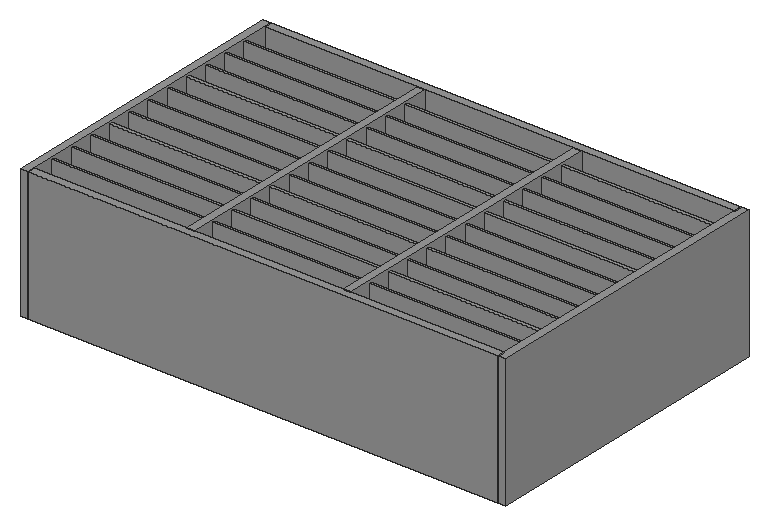
Revit family "TMI - W1820 - Wall_Open_Folio Storage1", category Casework, host Face, Revit 2016
Family settings
  Host = Face
  OmniClass Number = 23.40.35.14.11
  OmniClass Title = Modular Casework
  Cut with Voids When Loaded = No
  Shared = No
  Room Calculation Point = No
Parameters (values of type "48" x 30" x 13"")
  Width = 48"
  URL = "www.tmisystems.com"
  Two Verticals [instance] = Amount of Verticals = 2  # yes
  One Vertical [instance] = Amount of Verticals = 1  # no
  Model = "W1820"
  Manufacturer = "TMI Systems Corporation"
  Interior Finish = none
  Height = 30"
  Filler Width (Right) [instance] = 3"
  Filler Width (Left) [instance] = 3"
  Filler Right [instance] = no
  Filler Left [instance] = no
  Description = "Wall, Open, Folio Storage"
  Depth = 13"
  Default Elevation = 84"
  Casework Thickness = 3/4"
  Casework Back Thickness = 1/4"
  Cabinet Finish = Plastic Laminate
  Amount of Verticals [instance] = 2
Types (7): name | Width
  30" x 30" x 13" | 30"
  33" x 30" x 13" | 33"
  36" x 30" x 13" | 36"
  39" x 30" x 13" | 39"
  42" x 30" x 13" | 42"
  45" x 30" x 13" | 45"
  48" x 30" x 13" | 48"
Reference planes (in)
  plane 1 "Center (Front/Back)": y = 0
  plane 2: z = 0
  plane 3 "Center (Left/Right)": x = 0
  plane 4: x = -24
  plane 5: x = 24
  plane 6: y = -25.25
  plane 7: y = -4.75
  plane 8: x = -27
  plane 9: x = 27
  plane 10: z = 0.75
  plane 11: z = 1
  plane 12: y = -30
  plane 13: x = -23.25
  plane 14: y = -29.25
  plane 15: x = 23.25
  plane 16: y = -0.75
  plane 17: x = -0.375
  plane 18: x = 0.375
  plane 19: z = 12.875
  plane 20: x = -7.75
  plane 21: x = 7.75
  plane 22: x = 8.125
  plane 23: x = 7.375
  plane 24: x = -8.125
  plane 25: x = -7.375
  plane 26: z = 13
  plane 27: z = 12.25
Forms (in)
  Extrusion 1, solid, material "Plastic Laminate" <- "Cabinet Finish"
    sketch origin (0, -30, 0) x (1, 0, 0) y (0, 1, 0)
      loop
        line (-24, 30) -> (-24, 0) -> (-23.25, 0) -> (-23.25, 30) -> (-24, 30)
      loop
        line (23.25, 30) -> (23.25, 0) -> (24, 0) -> (24, 30) -> (23.25, 30)
    from 0 to 13
  Extrusion 2, solid, material "Plastic Laminate" <- "Cabinet Finish"
    sketch origin (0, -30, 0) x (1, 0, 0) y (0, 1, 0)
      loop
        line (-23.25, 29.25) -> (23.25, 29.25) -> (23.25, 30) -> (-23.25, 30) -> (-23.25, 29.25)
      loop
        line (-23.25, 0.75) -> (-23.25, 0) -> (23.25, 0) -> (23.25, 0.75) -> (-23.25, 0.75)
    from 0 to 13
  Extrusion 3, solid, material "Wood"
    sketch origin (0, -30, 0) x (1, 0, 0) y (0, 1, 0)
      loop
        line (-23.28125, 29.25) -> (-23.28125, 25.25) -> (23.28125, 25.25) -> (23.28125, 29.25) -> (-23.28125, 29.25)
      loop
        line (-23.28125, 4.75) -> (-23.28125, 0.75) -> (23.28125, 0.75) -> (23.28125, 4.75) -> (-23.28125, 4.75)
    from 0 to 0.75
  Extrusion 4, solid, material "Plastic Laminate" <- "Cabinet Finish"
    sketch origin (0, 0, 0) x (1, 0, 0) y (0, 0, 1)
      loop
        line (-23.28125, 1) -> (-23.28125, 0.75) -> (23.28125, 0.75) -> (23.28125, 1) -> (-23.28125, 1)
    from 0.36945 to 29.6345
  Extrusion 5, solid, material "Plastic Laminate" <- "Cabinet Finish", visible <- "Filler Left"
    sketch origin (0, -30, 0) x (1, 0, 0) y (0, 1, 0)
      loop
        line (-27, 30) -> (-27, 0) -> (-24, 0) -> (-24, 30) -> (-27, 30)
    from 12.25 to 13
  Extrusion 6, solid, material "Plastic Laminate" <- "Cabinet Finish", visible <- "Filler Right"
    sketch origin (0, -30, 0) x (1, 0, 0) y (0, 1, 0)
      loop
        line (27, 30) -> (24, 30) -> (24, 0) -> (27, 0) -> (27, 30)
    from 12.25 to 13
  Extrusion 7, solid, material "Plastic Laminate" <- "Cabinet Finish", visible <- "One Vertical"
    sketch origin (0, 0, 0) x (1, 0, 0) y (0, 1, 0)
      loop
        line (-0.375, -0.75) -> (-0.375, -29.25) -> (0.375, -29.25) -> (0.375, -0.75) -> (-0.375, -0.75)
    from 1 to 13
  Extrusion 8, solid, material "Plastic Laminate" <- "Cabinet Finish", visible <- "Two Verticals"
    sketch origin (0, 0, 0) x (1, 0, 0) y (0, 1, 0)
      loop
        line (8.125, -0.75) -> (7.375, -0.75) -> (7.375, -29.25) -> (8.125, -29.25) -> (8.125, -0.75)
      loop
        line (-8.125, -29.25) -> (-7.375, -29.25) -> (-7.375, -0.75) -> (-8.125, -0.75) -> (-8.125, -29.25)
    from 1 to 13
  Extrusion 9, solid, material "Plastic Laminate" <- "Cabinet Finish"
    sketch origin (0, 0, 0) x (1, 0, 0) y (0, 1, 0)
      loop
        line (-23.25, -3.125) -> (-23.25, -3.375) -> (23.25, -3.375) -> (23.25, -3.125) -> (-23.25, -3.125)
      loop
        line (-23.25, -5.5) -> (-23.25, -5.75) -> (23.25, -5.75) -> (23.25, -5.5) -> (-23.25, -5.5)
      loop
        line (-23.25, -7.875) -> (-23.25, -8.125) -> (23.25, -8.125) -> (23.25, -7.875) -> (-23.25, -7.875)
      loop
        line (-23.25, -10.25) -> (-23.25, -10.5) -> (23.25, -10.5) -> (23.25, -10.25) -> (-23.25, -10.25)
      loop
        line (-23.25, -12.625) -> (-23.25, -12.875) -> (23.25, -12.875) -> (23.25, -12.625) -> (-23.25, -12.625)
      loop
        line (-23.25, -15) -> (-23.25, -15.25) -> (23.25, -15.25) -> (23.25, -15) -> (-23.25, -15)
      loop
        line (-23.25, -17.375) -> (-23.25, -17.625) -> (23.25, -17.625) -> (23.25, -17.375) -> (-23.25, -17.375)
      loop
        line (-23.25, -19.75) -> (-23.25, -20) -> (23.25, -20) -> (23.25, -19.75) -> (-23.25, -19.75)
      loop
        line (-23.25, -22.125) -> (-23.25, -22.375) -> (23.25, -22.375) -> (23.25, -22.125) -> (-23.25, -22.125)
      loop
        line (-23.25, -24.5) -> (-23.25, -24.75) -> (23.25, -24.75) -> (23.25, -24.5) -> (-23.25, -24.5)
      loop
        line (-23.25, -26.875) -> (-23.25, -27.125) -> (23.25, -27.125) -> (23.25, -26.875) -> (-23.25, -26.875)
    from 1 to 12.875
Lines and regions (in)
  Masking region 1
    outline origin (0, 0, 0) x (1, 0, 0) y (0, 0, 1)
      loop
        line (-24, 13) -> (-24, 0) -> (24, 0) -> (24, 13) -> (-24, 13)
  Masking region 2, visible <- "Filler Left"
    outline origin (0, 0, 0) x (1, 0, 0) y (0, 0, 1)
      loop
        line (-27, 13) -> (-27, 12.25) -> (-24, 12.25) -> (-24, 13) -> (-27, 13)
  Masking region 3, visible <- "Filler Right"
    outline origin (0, 0, 0) x (1, 0, 0) y (0, 0, 1)
      loop
        line (24, 13) -> (24, 12.25) -> (27, 12.25) -> (27, 13) -> (24, 13)
  symbolic lines
    curve 1: line (24, 0, 0) -> (24, -30, 0)
    curve 2: line (0, 0, 13) -> (0, -0.75, 13)
    curve 3: line (0, -0.75, 13) -> (0, -0.75, 1)
    curve 4: line (0, -0.75, 0.75) -> (0, -0.75, 0)
    curve 5: line (0, -0.75, 0) -> (0, 0, 0)
    curve 6: line (0, 0, 0) -> (0, 0, 13)
    curve 7: line (0, -29.25, 13) -> (0, -30, 13)
    curve 8: line (0, -30, 13) -> (0, -30, 0)
    curve 9: line (0, -30, 0) -> (0, -29.25, 0)
    curve 10: line (0, -29.25, 0) -> (0, -29.25, 0.75)
    curve 11: line (0, -29.25, 1) -> (0, -29.25, 13)
  symbolic lines, style "CaseworkHiddenLines"
    curve 12: line (0, -3.125, 1) -> (0, -3.125, 12.875)
    curve 13: line (0, -3.125, 12.875) -> (0, -3.375, 12.875)
    curve 14: line (0, -3.375, 12.875) -> (0, -3.375, 1)
    curve 15: line (0, -5.5, 1) -> (0, -5.5, 12.875)
    curve 16: line (0, -5.5, 12.875) -> (0, -5.75, 12.875)
    curve 17: line (0, -5.75, 12.875) -> (0, -5.75, 1)
    curve 18: line (0, -7.875, 1) -> (0, -7.875, 12.875)
    curve 19: line (0, -7.875, 12.875) -> (0, -8.125, 12.875)
    curve 20: line (0, -8.125, 12.875) -> (0, -8.125, 1)
    curve 21: line (0, -10.25, 1) -> (0, -10.25, 12.875)
    curve 22: line (0, -10.25, 12.875) -> (0, -10.5, 12.875)
    curve 23: line (0, -10.5, 12.875) -> (0, -10.5, 1)
    curve 24: line (0, -12.625, 1) -> (0, -12.625, 12.875)
    curve 25: line (0, -12.625, 12.875) -> (0, -12.875, 12.875)
    curve 26: line (0, -12.875, 12.875) -> (0, -12.875, 1)
    curve 27: line (0, -15, 1) -> (0, -15, 12.875)
    curve 28: line (0, -15, 12.875) -> (0, -15.25, 12.875)
    curve 29: line (0, -15.25, 12.875) -> (0, -15.25, 1)
    curve 30: line (0, -17.375, 1) -> (0, -17.375, 12.875)
    curve 31: line (0, -17.375, 12.875) -> (0, -17.625, 12.875)
    curve 32: line (0, -17.625, 12.875) -> (0, -17.625, 1)
    curve 33: line (0, -19.75, 1) -> (0, -19.75, 12.875)
    curve 34: line (0, -19.75, 12.875) -> (0, -20, 12.875)
    curve 35: line (0, -20, 12.875) -> (0, -20, 1)
    curve 36: line (0, -22.125, 1) -> (0, -22.125, 12.875)
    curve 37: line (0, -22.125, 12.875) -> (0, -22.375, 12.875)
    curve 38: line (0, -22.375, 12.875) -> (0, -22.375, 1)
    curve 39: line (0, -24.5, 1) -> (0, -24.5, 12.875)
    curve 40: line (0, -24.5, 12.875) -> (0, -24.75, 12.875)
    curve 41: line (0, -24.75, 12.875) -> (0, -24.75, 1)
    curve 42: line (0, -26.875, 1) -> (0, -26.875, 12.875)
    curve 43: line (0, -26.875, 12.875) -> (0, -27.125, 12.875)
    curve 44: line (0, -27.125, 12.875) -> (0, -27.125, 1)
Dimensions and locks (in)
  "Casework Thickness": plane 4 to plane 13
  "Casework Thickness": plane 15 to plane 5
  "Filler Width (Left)": plane 8 to plane 4
  "Filler Width (Right)": plane 5 to plane 9
  "Height": plane 1 "Center (Front/Back)" to plane 12
  "Width": plane 4 to plane 5
  equal spacing: plane 4, plane 3 "Center (Left/Right)", plane 5
  "Casework Thickness": plane 10 to plane 2
  "Casework Back Thickness": plane 11 to plane 10
  "Casework Thickness": plane 14 to plane 12
  "Casework Thickness": plane 16 to plane 1 "Center (Front/Back)"
  "Casework Thickness": plane 17 to plane 18
  equal spacing: plane 17, plane 3 "Center (Left/Right)", plane 18
  "Casework Thickness": plane 24 to plane 25
  equal spacing: plane 24, plane 20, plane 25
  equal spacing: plane 23, plane 21, plane 22
  "Casework Thickness": plane 23 to plane 22
  equal spacing: plane 13, plane 20, plane 21, plane 15
  equal spacing: plane 14, Extrusion 9 sketch curve, Extrusion 9 sketch curve, Extrusion 9 sketch curve, Extrusion 9 sketch curve, Extrusion 9 sketch curve, Extrusion 9 sketch curve, Extrusion 9 sketch curve, Extrusion 9 sketch curve, Extrusion 9 sketch curve, Extrusion 9 sketch curve, Extrusion 9 sketch curve, plane 16
  locked: Extrusion 9 sketch curve to Extrusion 9 sketch curve at 0.25  (x11)
  locked: plane 14 to Extrusion 4 at 0.3845
  locked: Extrusion 4 to plane 16 at 0.38055
  "Depth": plane 26 to plane 2
  locked: plane 7 to plane 16 at 4
  locked: plane 6 to plane 14 at 4
  locked: plane 26 to plane 19 at 0.125
  locked: plane 26 to plane 27 at 0.75
  aligned and locked: plane 2 to host face
  aligned and locked: level to host face
  aligned and locked: plane 4 to Extrusion 1 sketch curve
  aligned and locked: Extrusion 1 sketch curve to plane 5
  aligned and locked: Extrusion 1 to plane 2
  aligned and locked: Extrusion 2 to plane 2
  aligned and locked: Extrusion 3 to plane 2
  aligned and locked: Extrusion 3 to plane 10
  aligned and locked: Extrusion 4 sketch curve to plane 11
  aligned and locked: Extrusion 4 sketch curve to plane 10
  aligned and locked: plane 8 to Extrusion 5 sketch curve
  aligned and locked: Extrusion 5 sketch curve to plane 4
  aligned and locked: Extrusion 5 to Extrusion 1
  aligned and locked: plane 9 to Extrusion 6 sketch curve
  aligned and locked: Extrusion 6 sketch curve to plane 5
  aligned and locked: curve 1 to plane 5
  aligned and locked: Extrusion 2 to plane 1 "Center (Front/Back)"  (x4)
  aligned and locked: Extrusion 3 to plane 7
  aligned and locked: plane 4 to Extrusion 5  (x3)
  aligned and locked: Extrusion 1 to plane 1 "Center (Front/Back)"  (x4)
  aligned and locked: Extrusion 6 to plane 5  (x2)
  aligned and locked: Extrusion 1 to plane 4
  aligned and locked: Extrusion 2 to plane 12  (x2)
  aligned and locked: plane 5 to Extrusion 1
  aligned and locked: Extrusion 1 to plane 12  (x2)
  aligned and locked: plane 2 to Masking region 1 sketch curve
  aligned and locked: Masking region 1 sketch curve to plane 5
  aligned and locked: plane 4 to Masking region 1 sketch curve
  aligned and locked: Extrusion 2 to plane 16
  aligned and locked: plane 13 to Extrusion 1
  aligned and locked: Extrusion 2 to plane 13  (x2)
  aligned and locked: Extrusion 2 to plane 14
  aligned and locked: plane 15 to Extrusion 1
  aligned and locked: Extrusion 2 to plane 15  (x2)
  aligned and locked: plane 17 to Extrusion 7 sketch curve
  aligned and locked: plane 18 to Extrusion 7 sketch curve
  aligned and locked: plane 14 to Extrusion 7 sketch curve
  aligned and locked: plane 16 to Extrusion 7 sketch curve
  aligned and locked: Extrusion 7 to plane 11
  aligned and locked: Extrusion 8 sketch curve to plane 25
  aligned and locked: Extrusion 8 sketch curve to plane 24
  aligned and locked: Extrusion 8 sketch curve to plane 22
  aligned and locked: Extrusion 8 sketch curve to plane 23
  aligned and locked: plane 16 to Extrusion 8 sketch curve  (x2)
  aligned and locked: plane 14 to Extrusion 8 sketch curve  (x2)
  aligned and locked: Extrusion 8 to plane 11
  aligned and locked: plane 8 to Masking region 2 sketch curve
  aligned and locked: Masking region 2 sketch curve to plane 4
  aligned and locked: plane 5 to Masking region 3 sketch curve
  aligned and locked: Masking region 3 sketch curve to plane 9
  aligned and locked: plane 13 to Extrusion 9 sketch curve
  aligned and locked: plane 15 to Extrusion 9 sketch curve
  aligned and locked: Extrusion 9 to plane 11
  aligned and locked: plane 19 to Extrusion 9
  aligned and locked: Extrusion 3 to plane 16
  aligned and locked: Extrusion 3 to plane 14
  aligned and locked: Extrusion 5 to plane 1 "Center (Front/Back)"
  aligned and locked: Extrusion 8 to plane 16
  aligned and locked: curve 4 to plane 16
  aligned and locked: plane 2 to curve 5
  aligned and locked: Extrusion 5 to plane 12
  aligned and locked: Extrusion 6 to plane 12
  aligned and locked: plane 2 to curve 9
  aligned and locked: curve 10 to plane 14
  aligned and locked: Extrusion 8 to plane 14
  aligned and locked: plane 26 to Masking region 1
  aligned and locked: plane 26 to Extrusion 5
  aligned and locked: plane 26 to Extrusion 2
  aligned and locked: plane 26 to Extrusion 8
  aligned and locked: plane 26 to Extrusion 7
  aligned and locked: plane 26 to Extrusion 6
  aligned and locked: curve 7 to plane 26
  aligned and locked: curve 2 to plane 26
  aligned and locked: curve 14 to Extrusion 9
  aligned and locked: curve 12 to Extrusion 9
  aligned and locked: curve 17 to Extrusion 9
  aligned and locked: curve 15 to Extrusion 9
  aligned and locked: curve 18 to Extrusion 9
  aligned and locked: curve 20 to Extrusion 9
  aligned and locked: curve 21 to Extrusion 9
  aligned and locked: curve 23 to Extrusion 9
  aligned and locked: curve 24 to Extrusion 9
  aligned and locked: curve 26 to Extrusion 9
  aligned and locked: curve 27 to Extrusion 9
  aligned and locked: curve 29 to Extrusion 9
  aligned and locked: curve 30 to Extrusion 9
  aligned and locked: curve 32 to Extrusion 9
  aligned and locked: curve 33 to Extrusion 9
  aligned and locked: curve 35 to Extrusion 9
  aligned and locked: curve 36 to Extrusion 9
  aligned and locked: curve 38 to Extrusion 9
  aligned and locked: curve 39 to Extrusion 9
  aligned and locked: curve 41 to Extrusion 9
  aligned and locked: curve 42 to Extrusion 9
  aligned and locked: curve 44 to Extrusion 9
  aligned and locked: plane 11 to curve 12
  aligned and locked: plane 11 to curve 14
  aligned and locked: plane 11 to curve 15
  aligned and locked: plane 11 to curve 17
  aligned and locked: plane 11 to curve 18
  aligned and locked: plane 11 to curve 20
  aligned and locked: plane 11 to curve 21
  aligned and locked: plane 11 to curve 23
  aligned and locked: plane 11 to curve 24
  aligned and locked: plane 11 to curve 26
  aligned and locked: plane 11 to curve 27
  aligned and locked: plane 11 to curve 29
  aligned and locked: plane 11 to curve 30
  aligned and locked: plane 11 to curve 32
  aligned and locked: plane 11 to curve 33
  aligned and locked: plane 11 to curve 35
  aligned and locked: plane 11 to curve 36
  aligned and locked: plane 11 to curve 38
  aligned and locked: plane 11 to curve 39
  aligned and locked: plane 11 to curve 41
  aligned and locked: plane 11 to curve 42
  aligned and locked: plane 11 to curve 44
  aligned and locked: curve 22 to plane 19
  aligned and locked: curve 25 to plane 19
  aligned and locked: curve 28 to plane 19
  aligned and locked: curve 31 to plane 19
  aligned and locked: curve 19 to plane 19
  aligned and locked: curve 16 to plane 19
  aligned and locked: curve 13 to plane 19
  aligned and locked: curve 34 to plane 19
  aligned and locked: curve 37 to plane 19
  aligned and locked: curve 40 to plane 19
  aligned and locked: curve 43 to plane 19
  aligned and locked: Extrusion 5 to plane 27
  aligned and locked: Extrusion 6 to plane 27
  aligned and locked: Masking region 2 to plane 27
  aligned and locked: Masking region 3 to plane 27
Automatic sketch dimensions
  host sketch curve to host sketch curve = 96"
  host sketch curve to host sketch curve = 95"
  curve 1 to plane 12 = 0"
  plane 1 "Center (Front/Back)" to curve 1 = 0"
  curve 8 to plane 12 = 0"
  curve 11 to plane 14 = 0"
  curve 2 to plane 16 = 0"
  curve 6 to plane 1 "Center (Front/Back)" = 0"
  plane 10 to curve 10 = 0"
  plane 10 to curve 4 = 0"
  curve 3 to plane 11 = 0"
  curve 11 to plane 11 = 0"
  Extrusion 1 sketch curve to plane 12 = 0"  (x2)
  Extrusion 1 sketch curve to plane 13 = 0"
  plane 1 "Center (Front/Back)" to Extrusion 1 sketch curve = 0"  (x2)
  Extrusion 1 sketch curve to plane 15 = 0"
  Extrusion 2 sketch curve to plane 13 = 0"  (x2)
  Extrusion 2 sketch curve to plane 12 = 0"
  plane 14 to Extrusion 2 sketch curve = 0"
  Extrusion 2 sketch curve to plane 15 = 0"  (x2)
  plane 16 to Extrusion 2 sketch curve = 0"
  plane 1 "Center (Front/Back)" to Extrusion 2 sketch curve = 0"
  Extrusion 3 sketch curve to plane 16 = 0"
  Extrusion 3 sketch curve to plane 14 = 0"
  Extrusion 3 sketch curve to plane 7 = 0"
  Extrusion 3 sketch curve to plane 6 = 0"
  Extrusion 3 sketch curve to plane 13 = 1/32"  (x2)
  Extrusion 3 sketch curve to plane 15 = 1/32"  (x2)
  Extrusion 4 sketch curve to plane 13 = 1/32"
  Extrusion 4 sketch curve to plane 15 = 1/32"
  Extrusion 5 sketch curve to plane 12 = 0"
  plane 1 "Center (Front/Back)" to Extrusion 5 sketch curve = 0"
  Extrusion 6 sketch curve to plane 12 = 0"
  plane 1 "Center (Front/Back)" to Extrusion 6 sketch curve = 0"
  Masking region 1 sketch curve to plane 26 = 0"
  Masking region 2 sketch curve to plane 26 = 0"
  Masking region 3 sketch curve to plane 26 = 0"
  Extrusion 9 sketch curve to plane 13 = 0"  (x10)
  Extrusion 9 sketch curve to plane 15 = 0"  (x10)
  level to Masking region 2 sketch curve = 12 1/4"
  level to Masking region 3 sketch curve = 12 1/4"
